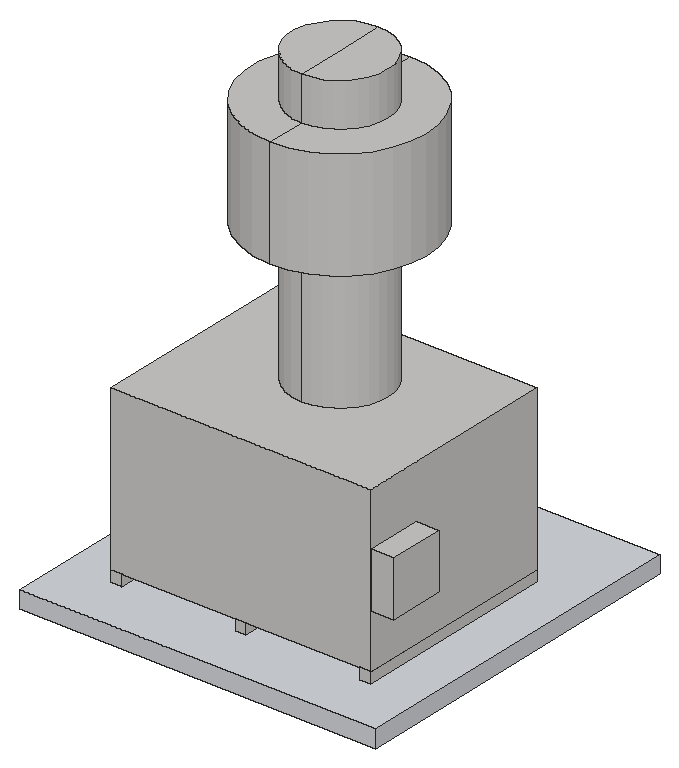
Revit family "DC_Rheem_PLM_Raypak_B2404HWT", category Plumbing Fixtures, host Face, Revit 2017
Family settings
  Host = Face
  Round Connector Dimension = Use Radius
  Part Type = Normal
  Cut with Voids When Loaded = No
  Shared = No
  Room Calculation Point = No
Parameters (values of type "Raypak - Gas Water Heater- Outdoor - 2530 MJ/h  Propane gas, On/Off gas control")
  Width_ANZRS = 1430 mm
  URL = "http://www.rheem.com.au/CommercialProducts"
  Type Comments = "Recovery 9638L/h @ 50°C rise\r\n"
  TopSmallDiameter_ANZRS = 660 mm
  TopH2_ANZRS = 750 mm
  TopH1_ANZRS = 300 mm
  TopBigDiameter_ANZRS = 1200 mm
  PRVDiameter_ANZRS = PRVRadius_ANZRS * 2  # 30 mm
  Model = "B2404PCO/HWT\r\n\r\n"
  Materials_ANZRS = Raypak - Grey Powder Coated Steel
  PRVRadius_ANZRS = 15 mm
  PRVDistance_ANZRS = 400 mm
  Manufacturer = "Raypak\r\n"
  Length_ANZRS = 1780 mm
  HotWaterPipeDistance_ANZRS = 235 mm
  HotWaterPipeRadius_ANZRS = 40 mm
  HotWaterPipeDiameter_ANZRS = HotWaterPipeRadius_ANZRS * 2  # 80 mm
  Height_ANZRS = 3210 mm
  GasPipeRadius_ANZRS = 20 mm
  GasPipeHeight_ANZRS = 600 mm
  GasPipeDistance_ANZRS = 210 mm
  GasPipeDiameter_ANZRS = GasPipeRadius_ANZRS * 2  # 40 mm
  EleBoxWidth_ANZRS = 160 mm
  EleBoxHeightFromBase_ANZRS = 450 mm
  EleBoxHeight_ANZRS = 380 mm
  DesignBy_ANZRS = "Design Content ©"
  Description = "Raypak - Gas Water Heater- Outdoor - 2530 MJ/h  Propane gas, On/Off gas control\r\n"
  Default Elevation = 0 mm
  ConnectionHeight_ANZRS = 910 mm
  ColdWaterPipeRadius_ANZRS = 40 mm
  ColdWaterPipeDistance_ANZRS = 567 mm
  ColdWaterPipeDiameter_ANZRS = ColdWaterPipeRadius_ANZRS * 2  # 80 mm
  BoxHeight_ANZRS = 1195 mm
  BaseWidth_ANZRS = 75 mm
  BaseHeight_ANZRS = 75 mm
  BaseDistance_ANZRS = 0 mm
  Author_ANZRS = "DM"
  Assembly Code = ""
Types (5, lengths in mm): name | URL | Type Comments | Model | GasPipeRadius_ANZRS | GasPipeDiameter_ANZRS | Description
  (no name) | "http://www.rheem.com.au/downloads/PDF/Raypak_Mechanical_Heating_Brochure_July_09.pdf\r\n" | "Recovery 9638L/h @ 50°C rise\r\n" | "B2404PCO/HWT\r\n\r\n" | 20 | 40 | "Raypak - Gas Water Heater- Outdoor - 2530 MJ/h  Propane gas, On/Off gas control\r\n"
  Raypak - Gas Water Heater- Outdoor - 2404 MJ/h  Natural gas, modulating gas control | "http://www.rheem.com.au/CommercialProducts" | "Recovery 9116L/h @ 50°C rise\r\n" | "B2404NCM/HWT\r\n" | 32.5 | 65 | "Raypak - Gas Water Heater- Outdoor - 2404 MJ/h  Natural gas, modulating gas control"
  Raypak - Gas Water Heater- Outdoor - 2404 MJ/h  Natural gas, On/Off gas control | "http://www.rheem.com.au/CommercialProducts" | "Recovery 9116L/h @ 50°C rise\r\n" | "B2404NCO/HWT\r\n" | 32.5 | 65 | "Raypak - Gas Water Heater- Outdoor - 2404 MJ/h  Natural gas, On/Off gas control\r\n"
  Raypak - Gas Water Heater- Outdoor - 2530 MJ/h  Propane gas, modulating gas control | "http://www.rheem.com.au/CommercialProducts" | "Recovery 9638L/h @ 50°C rise\r\n" | "B2404PCM/HWT\r\n" | 20 | 40 | "Raypak - Gas Water Heater- Outdoor - 2530 MJ/h  Propane gas, modulating gas control\r\n\r\n"
  Raypak - Gas Water Heater- Outdoor - 2530 MJ/h  Propane gas, On/Off gas control | "http://www.rheem.com.au/CommercialProducts" | "Recovery 9638L/h @ 50°C rise\r\n" | "B2404PCO/HWT\r\n\r\n" | 20 | 40 | "Raypak - Gas Water Heater- Outdoor - 2530 MJ/h  Propane gas, On/Off gas control\r\n"
Reference planes
  plane 1 "Center (Front/Back)": y = 0
  plane 2: z = 0
  plane 3 "Center (Left/Right)": x = 0
  plane 4: z = 75
  plane 5: x = -890
  plane 6: x = 890
  plane 7: x = 1050
  plane 8: z = 450
  plane 9: z = 1195
  plane 10: x = -890
  plane 11: x = 890
  plane 12: x = -815
  plane 13: x = 815
  plane 14: y = 580
  plane 15: y = -850
  plane 16: z = 3210
  plane 17: z = 2910
  plane 18: z = 2160
  plane 19: y = 330
  plane 20: y = -330
  plane 21: y = 600
  plane 22: y = -600
  plane 23: z = 910
  plane 24: y = 180
  plane 25: y = 345
  plane 26: y = -222
  plane 27: y = -640
  plane 28: z = 600
  plane 29: z = 830
  plane 30: x = -330
  plane 31: x = 330
  plane 32: x = -600
  plane 33: x = 600
  plane 34: x = -880
  plane 35: x = -1060
  plane 36: x = -960
  plane 37: x = -37.5
  plane 38: x = 37.5
  plane 39: y = -465
Forms (mm)
  Extrusion 1, solid
    sketch origin (0, 0, 0) x (1, 0, 0) y (0, 1, 0)
      loop
        line (-1219.2, 1219.2) -> (-1219.2, -1219.2) -> (1219.2, -1219.2) -> (1219.2, 1219.2) -> (-1219.2, 1219.2)
    from 0 to -120
  Extrusion 2, solid, material "Raypak - Grey Powder Coated Steel" <- "Materials_ANZRS"
    sketch origin (0, 0, 0) x (1, 0, 0) y (0, 0, 1)
      loop
        line (-890, 75) -> (-890, 0) -> (-815, 0) -> (-815, 75) -> (-890, 75)
      loop
        line (815, 75) -> (815, 0) -> (890, 0) -> (890, 75) -> (815, 75)
      loop
        line (-37.5, 75) -> (-37.5, 0) -> (37.5, 0) -> (37.5, 75) -> (-37.5, 75)
    from -580 to 850
  Extrusion 3, solid, material "Raypak - Grey Powder Coated Steel" <- "Materials_ANZRS"
    sketch origin (0, 0, 0) x (1, 0, 0) y (0, 1, 0)
      loop
        line (-890, 580) -> (-890, -850) -> (890, -850) -> (890, 580) -> (-890, 580)
    from 75 to 1195
  Revolve 4, solid, material "Raypak - Grey Powder Coated Steel" <- "Materials_ANZRS"
    sketch origin (0, 0, 0) x (0, 1, 0) y (0, 0, 1)
      loop
        line (0, 3210) -> (-330, 3210) -> (-330, 2910) -> (-600, 2910) -> (-600, 2160) -> (-330, 2160) -> (-330, 1195) -> (0, 1195) -> (0, 3210)
      axis (0, 3210) -> (0, 1195)
    angle from 0 to 360
  Extrusion 5, solid, material "Raypak - Grey Powder Coated Steel" <- "Materials_ANZRS"
    sketch origin (0, 0, 0) x (1, 0, 0) y (0, 0, 1)
      loop
        line (890, 830) -> (890, 450) -> (1050, 450) -> (1050, 830) -> (890, 830)
    from 465 to 850
  Extrusion 6, solid, material "Raypak - Grey Powder Coated Steel" <- "Materials_ANZRS"
    sketch origin (0, 0, 0) x (0, 1, 0) y (0, 0, 1)
      loop
        circle (345, 910) r 40
      loop
        circle (-222, 910) r 40
    from -1060 to -890
  Extrusion 7, solid, material "Raypak - Grey Powder Coated Steel" <- "Materials_ANZRS"
    sketch origin (0, 0, 0) x (0, 1, 0) y (0, 0, 1)
      loop
        circle (-640, 600) r 20
    from -960 to -890
  Extrusion 8, void
    sketch origin (0, 0, 0) x (0, 1, 0) y (0, 0, 1)
      loop
        circle (180, 910) r 15
    from -890 to -880
Cuts and joins
  Extrusion 8 cuts Extrusion 3
  joined: Extrusion 3, Extrusion 7
Lines and regions (mm)
  Masking region 1
    outline origin (0, 0, 0) x (1, 0, 0) y (0, 0, 1)
      loop
        line (330, 3210) -> (-330, 3210) -> (-330, 2910) -> (-600, 2910) -> (-600, 2160) -> (-330, 2160) -> (-330, 1195) -> (-890, 1195) -> (-890, 930) -> (-1060, 930) -> (-1060, 890) -> (-890, 890) -> (-890, 615) -> (-960, 615) -> (-960, 585) -> (-890, 585) -> (-890, 75) -> (-890, 0) -> (-815, 0) -> (-815, 75) -> (-37.5, 75) -> (-37.5, 0) -> (37.5, 0) -> (37.5, 75) -> (815, 75) -> (815, 0) -> (890, 0) -> (890, 75) -> (890, 450) -> (1050, 450) -> (1050, 830) -> (890, 830) -> (890, 1195) -> (330, 1195) -> (330, 2160) -> (600, 2160) -> (600, 2910) -> (330, 2910) -> (330, 3210)
  Masking region 2
    outline origin (0, 0, 0) x (0, 1, 0) y (0, 0, 1)
      loop
        line (330, 3210) -> (-330, 3210) -> (-330, 2910) -> (-600, 2910) -> (-600, 2160) -> (-330, 2160) -> (-330, 1195) -> (-850, 1195) -> (-850, 0) -> (580, 0) -> (580, 1195) -> (330, 1195) -> (330, 2160) -> (600, 2160) -> (600, 2910) -> (330, 2910) -> (330, 3210)
  Masking region 3
    outline origin (0, 0, 0) x (1, 0, 0) y (0, 1, 0)
      loop
        line (-890, 580) -> (-890, 385) -> (-1060, 385) -> (-1060, 305) -> (-890, 305) -> (-890, -182) -> (-1060, -182) -> (-1060, -262) -> (-890, -262) -> (-890, -620) -> (-960, -620) -> (-960, -660) -> (-890, -660) -> (-890, -850) -> (1050, -850) -> (1050, -465) -> (890, -465) -> (890, 580) -> (153.623, 580)
        arc (153.623, 580) -> (77.46, 594.979) -> (0, 600) r 600
        arc (0, 600) -> (-77.46, 594.979) -> (-153.623, 580) r 600
        line (-153.623, 580) -> (-890, 580)
  symbolic lines, style "Rheem Raypak", detail levels fine
    curve 1: line (-600, 0, 2910) -> (-600, 0, 2160)
    curve 2: line (-600, 0, 2160) -> (600, 0, 2160)
    curve 3: line (-330, 0, 2160) -> (-330, 0, 1195)
    curve 4: line (-330, 0, 3210) -> (-330, 0, 2910)
    curve 5: line (330, 0, 3210) -> (-330, 0, 3210)
    curve 6: line (330, 0, 2910) -> (330, 0, 3210)
    curve 7: line (600, 0, 2910) -> (-600, 0, 2910)
    curve 8: line (600, 0, 2160) -> (600, 0, 2910)
    curve 9: line (330, 0, 1195) -> (330, 0, 2160)
    curve 10: line (890, 0, 1195) -> (-890, 0, 1195)
    curve 11: line (890, 0, 75) -> (890, 0, 1195)
    curve 12: line (-890, 0, 1195) -> (-890, 0, 75)
    curve 13: line (-890, 0, 75) -> (890, 0, 75)
    curve 14: line (-815, 0, 0) -> (-815, 0, 75)
    curve 15: line (-890, 0, 0) -> (-815, 0, 0)
    curve 16: line (-890, 0, 75) -> (-890, 0, 0)
    curve 17: line (890, 0, 0) -> (890, 0, 75)
    curve 18: line (815, 0, 75) -> (815, 0, 0)
    curve 19: line (815, 0, 0) -> (890, 0, 0)
    curve 20: line (890, 0, 450) -> (1050, 0, 450)
    curve 21: line (1050, 0, 450) -> (1050, 0, 830)
    curve 22: line (1050, 0, 830) -> (890, 0, 830)
    curve 23: line (-960, 0, 585) -> (-890, 0, 585)
    curve 24: line (-960, 0, 615) -> (-960, 0, 585)
    curve 25: line (-890, 0, 615) -> (-960, 0, 615)
    curve 26: line (0, -600, 2910) -> (0, 600, 2910)
    curve 27: line (0, -600, 2160) -> (0, 600, 2160)
    curve 28: line (0, 600, 2160) -> (0, 600, 2910)
    curve 29: line (0, -600, 2910) -> (0, -600, 2160)
    curve 30: line (0, -330, 3210) -> (0, -330, 2910)
    curve 31: line (0, 330, 2910) -> (0, 330, 3210)
    curve 32: line (0, -330, 3210) -> (0, 330, 3210)
    curve 33: line (0, -330, 2160) -> (0, -330, 1195)
    curve 34: line (0, 330, 1195) -> (0, 330, 2160)
    curve 35: line (0, 580, 1195) -> (0, -850, 1195)
    curve 36: line (0, -850, 1195) -> (0, -850, 75)
    curve 37: line (0, 580, 75) -> (0, 580, 1195)
    curve 38: line (0, -850, 75) -> (0, 580, 75)
    curve 39: line (0, 580, 0) -> (0, 580, 75)
    curve 40: line (0, -850, 75) -> (0, -850, 0)
    curve 41: line (0, -850, 0) -> (0, 580, 0)
    curve 42: arc (0, -242, 910) -> (0, -222, 890) -> (0, -202, 910) r 20
    curve 43: arc (0, -202, 910) -> (0, -222, 930) -> (0, -242, 910) r 20
    curve 44: arc (0, -625, 600) -> (0, -640, 585) -> (0, -655, 600) r 15
    curve 45: arc (0, -655, 600) -> (0, -640, 615) -> (0, -625, 600) r 15
    curve 46: arc (0, 325, 910) -> (0, 345, 890) -> (0, 365, 910) r 20
    curve 47: arc (0, 365, 910) -> (0, 345, 930) -> (0, 325, 910) r 20
    curve 48: arc (0, 165, 910) -> (0, 180, 895) -> (0, 195, 910) r 15
    curve 49: arc (0, 195, 910) -> (0, 180, 925) -> (0, 165, 910) r 15
    curve 50: arc (0, -600, 0) -> (-600, 0, 0) -> (0, 600, 0) r 600
    curve 51: arc (0, 600, 0) -> (600, 0, 0) -> (0, -600, 0) r 600
    curve 52: arc (0, 330, 0) -> (330, 0, 0) -> (0, -330, 0) r 330
    curve 53: arc (0, -330, 0) -> (-330, 0, 0) -> (0, 330, 0) r 330
    curve 54: line (890, -850, 0) -> (890, 580, 0)
    curve 55: line (-890, -850, 0) -> (890, -850, 0)
    curve 56: line (-890, 580, 0) -> (-890, -850, 0)
    curve 57: line (1050, -850, 0) -> (1050, -465, 0)
    curve 58: line (890, -850, 0) -> (1050, -850, 0)
    curve 59: line (-960, -620, 0) -> (-960, -660, 0)
    curve 60: line (890, 580, 0) -> (153.623, 580, 0)
    curve 61: line (-960, -620, 0) -> (-890, -620, 0)
    curve 62: line (-960, -660, 0) -> (-890, -660, 0)
    curve 63: line (37.5, 0, 0) -> (37.5, 0, 75)
    curve 64: line (-890, 0, 75) -> (890, 0, 75)
    curve 65: line (-37.5, 0, 75) -> (-37.5, 0, 0)
    curve 66: line (-37.5, 0, 0) -> (37.5, 0, 0)
    curve 67: line (-153.623, 580, 0) -> (-890, 580, 0)
Dimensions and locks
  "BaseHeight_ANZRS": plane 4 to level
  equal spacing: plane 6, plane 3 "Center (Left/Right)", plane 5
  "Length_ANZRS": plane 5 to plane 6
  "EleBoxWidth_ANZRS": plane 6 to plane 7
  "EleBoxHeightFromBase_ANZRS": plane 8 to Extrusion 1
  "EleBoxHeight_ANZRS": plane 29 to plane 8
  "BaseDistance_ANZRS": plane 10 to plane 5
  "BaseDistance_ANZRS": plane 11 to plane 6
  "BaseWidth_ANZRS": plane 10 to plane 12
  "BaseWidth_ANZRS": plane 11 to plane 13
  plane 1 "Center (Front/Back)" to plane 15 = 850 mm
  "Width_ANZRS": plane 14 to plane 15
  "Height_ANZRS": plane 16 to Extrusion 1
  "TopSmallDiameter_ANZRS": plane 19 to plane 20
  equal spacing: plane 19, plane 1 "Center (Front/Back)", plane 20
  equal spacing: plane 21, plane 1 "Center (Front/Back)", plane 22
  "TopBigDiameter_ANZRS": plane 21 to plane 22
  "ConnectionHeight_ANZRS": plane 23 to Extrusion 1
  "BoxHeight_ANZRS": plane 9 to Extrusion 1
  "PRVDistance_ANZRS": plane 14 to plane 24
  "HotWaterPipeDistance_ANZRS": plane 14 to plane 25
  "ColdWaterPipeDistance_ANZRS": plane 25 to plane 26
  "GasPipeDistance_ANZRS": plane 27 to plane 15
  "GasPipeHeight_ANZRS": plane 28 to Extrusion 1
  "TopH1_ANZRS": plane 16 to plane 17
  "TopH2_ANZRS": plane 17 to plane 18
  equal spacing: plane 32, plane 3 "Center (Left/Right)", plane 33
  "TopSmallDiameter_ANZRS": plane 30 to plane 31
  equal spacing: plane 30, plane 3 "Center (Left/Right)", plane 31
  "TopBigDiameter_ANZRS": plane 32 to plane 33
  locked: plane 5 to plane 34 at 10
  plane 35 to plane 5 = 170 mm
  plane 35 to cut or joined group of Extrusion 3, Extrusion 7, Extrusion 8 = 170 mm
  plane 36 to cut or joined group of Extrusion 3, Extrusion 7, Extrusion 8 = 70 mm
  equal spacing: plane 37, plane 3 "Center (Left/Right)", plane 38
  "BaseWidth_ANZRS": plane 37 to plane 38
  locked: plane 36 to plane 34 at 80
  plane 35 to plane 34 = 180 mm
  equal spacing: Masking region 3 sketch curve, plane 25, Masking region 3 sketch curve
  "HotWaterPipeDiameter_ANZRS": Masking region 3 sketch curve to Masking region 3 sketch curve
  equal spacing: Masking region 3 sketch curve, plane 26, Masking region 3 sketch curve
  "ColdWaterPipeDiameter_ANZRS": Masking region 3 sketch curve to Masking region 3 sketch curve
  equal spacing: Masking region 3 sketch curve, plane 27, Masking region 3 sketch curve
  "GasPipeDiameter_ANZRS": Masking region 3 sketch curve to Masking region 3 sketch curve
  "ColdWaterPipeRadius_ANZRS": radius of Extrusion 6 sketch curve
  "HotWaterPipeRadius_ANZRS": radius of Extrusion 6 sketch curve
  "GasPipeRadius_ANZRS": radius of Extrusion 7 sketch curve
  "PRVRadius_ANZRS": radius of Extrusion 8 sketch curve
  aligned and locked: plane 2 to Extrusion 1
  aligned and locked: level to Extrusion 1
  aligned and locked: Extrusion 2 sketch curve to plane 4  (x2)
  aligned and locked: Extrusion 2 sketch curve to plane 10
  aligned and locked: level to Extrusion 2 sketch curve  (x2)
  aligned and locked: plane 12 to Extrusion 2 sketch curve
  aligned and locked: plane 13 to Extrusion 2 sketch curve
  aligned and locked: plane 11 to Extrusion 2 sketch curve
  aligned and locked: plane 14 to Extrusion 3 sketch curve
  aligned and locked: plane 15 to Extrusion 3 sketch curve
  aligned and locked: plane 6 to Extrusion 3 sketch curve
  aligned and locked: plane 9 to Extrusion 3
  aligned and locked: Extrusion 3 to plane 4
  aligned and locked: Extrusion 2 to plane 15
  aligned and locked: Extrusion 2 to plane 14
  aligned and locked: plane 16 to Revolve 4 sketch curve
  aligned and locked: Revolve 4 sketch curve to plane 20
  aligned and locked: Revolve 4 sketch curve to plane 22
  aligned and locked: plane 9 to Revolve 4 sketch curve
  aligned and locked: Revolve 4 sketch curve to plane 1 "Center (Front/Back)"
  aligned and locked: Extrusion 5 sketch curve to plane 29
  aligned and locked: Extrusion 5 sketch curve to plane 6
  aligned and locked: plane 8 to Extrusion 5 sketch curve
  aligned and locked: plane 7 to Extrusion 5 sketch curve
  aligned: Extrusion 2 to Extrusion 5
  aligned and locked: Extrusion 5 to Extrusion 2
  aligned and locked: plane 25 to Extrusion 6 sketch curve
  aligned and locked: plane 23 to Extrusion 6 sketch curve  (x2)
  aligned and locked: plane 26 to Extrusion 6 sketch curve
  aligned and locked: Extrusion 3 to plane 5
  aligned: Extrusion 6 to plane 5
  aligned: Extrusion 6 to plane 34
  aligned and locked: plane 28 to Extrusion 7 sketch curve
  aligned and locked: plane 27 to Extrusion 7 sketch curve
  aligned: plane 35 to Extrusion 7
  aligned: Extrusion 7 to plane 34
  aligned: plane 5 to Extrusion 7
  aligned and locked: Masking region 1 sketch curve to plane 31
  aligned and locked: Masking region 1 sketch curve to plane 30
  aligned and locked: Masking region 1 sketch curve to plane 16
  aligned and locked: Masking region 1 sketch curve to plane 17
  aligned and locked: Masking region 1 sketch curve to plane 18
  aligned and locked: plane 33 to Masking region 1 sketch curve
  aligned and locked: Masking region 1 sketch curve to plane 32
  aligned and locked: Masking region 1 sketch curve to plane 9
  aligned and locked: Masking region 1 sketch curve to plane 6
  aligned and locked: Masking region 1 sketch curve to plane 29
  aligned and locked: Masking region 1 sketch curve to plane 8
  aligned and locked: plane 7 to Masking region 1 sketch curve
  aligned and locked: cut or joined group of Extrusion 3, Extrusion 7, Extrusion 8 to Masking region 1 sketch curve
  aligned and locked: Masking region 1 sketch curve to plane 5
  aligned and locked: Extrusion 1 to Masking region 1 sketch curve  (x2)
  aligned and locked: plane 16 to Masking region 2 sketch curve
  aligned and locked: Masking region 2 sketch curve to plane 17
  aligned and locked: Masking region 2 sketch curve to plane 22
  aligned and locked: plane 21 to Masking region 2 sketch curve
  aligned and locked: plane 19 to Masking region 2 sketch curve
  aligned and locked: Masking region 2 sketch curve to plane 20
  aligned and locked: plane 9 to Masking region 2 sketch curve
  aligned and locked: Masking region 2 sketch curve to plane 15
  aligned and locked: plane 14 to Masking region 2 sketch curve
  aligned and locked: Extrusion 1 to Masking region 2 sketch curve
  aligned and locked: Masking region 2 sketch curve to plane 18
  aligned and locked: Masking region 1 sketch curve to plane 12
  aligned and locked: Masking region 1 sketch curve to plane 10
  aligned and locked: Masking region 1 sketch curve to plane 11
  aligned and locked: plane 13 to Masking region 1 sketch curve
  aligned and locked: Masking region 1 sketch curve to plane 4
  aligned and locked: curve 1 to Masking region 1
  aligned and locked: curve 2 to Masking region 1
  aligned and locked: curve 3 to Masking region 1
  aligned and locked: curve 4 to Masking region 1
  aligned and locked: curve 5 to Masking region 1
  aligned and locked: curve 6 to Masking region 1
  aligned and locked: curve 7 to Masking region 1
  aligned and locked: curve 8 to Masking region 1
  aligned and locked: curve 9 to Masking region 1
  aligned and locked: curve 10 to cut or joined group of Extrusion 3, Extrusion 7, Extrusion 8
  aligned and locked: curve 11 to cut or joined group of Extrusion 3, Extrusion 7, Extrusion 8
  aligned and locked: curve 12 to cut or joined group of Extrusion 3, Extrusion 7, Extrusion 8
  aligned and locked: curve 13 to cut or joined group of Extrusion 3, Extrusion 7, Extrusion 8
  aligned and locked: curve 14 to Extrusion 2
  aligned and locked: curve 15 to Extrusion 2
  aligned and locked: curve 16 to Extrusion 2
  aligned and locked: curve 17 to Extrusion 2
  aligned and locked: curve 18 to Extrusion 2
  aligned and locked: curve 19 to Extrusion 2
  aligned and locked: curve 20 to Extrusion 5
  aligned and locked: curve 21 to Extrusion 5
  aligned and locked: curve 22 to Extrusion 5
  aligned and locked: Masking region 1 to curve 23
  aligned: cut or joined group of Extrusion 3, Extrusion 7, Extrusion 8 to curve 24
  aligned and locked: curve 25 to Masking region 1
  aligned and locked: curve 26 to Revolve 4
  aligned and locked: curve 27 to Revolve 4
  aligned and locked: curve 28 to Masking region 2
  aligned and locked: curve 29 to Masking region 2
  aligned and locked: curve 30 to Masking region 2
  aligned and locked: curve 31 to Masking region 2
  aligned and locked: curve 32 to Revolve 4
  aligned and locked: curve 33 to Masking region 2
  aligned and locked: curve 34 to Masking region 2
  aligned and locked: curve 35 to cut or joined group of Extrusion 3, Extrusion 7, Extrusion 8
  aligned and locked: curve 36 to cut or joined group of Extrusion 3, Extrusion 7, Extrusion 8
  aligned and locked: curve 37 to cut or joined group of Extrusion 3, Extrusion 7, Extrusion 8
  aligned and locked: curve 38 to cut or joined group of Extrusion 3, Extrusion 7, Extrusion 8
  aligned and locked: curve 39 to Extrusion 2
  aligned and locked: curve 40 to Extrusion 2
  aligned and locked: curve 41 to Extrusion 2
  aligned and locked: curve 50 to Revolve 4
  aligned and locked: curve 51 to Revolve 4
  aligned and locked: curve 52 to Revolve 4
  aligned and locked: curve 53 to Revolve 4
  aligned and locked: curve 54 to cut or joined group of Extrusion 3, Extrusion 7, Extrusion 8
  aligned and locked: curve 55 to cut or joined group of Extrusion 3, Extrusion 7, Extrusion 8
  aligned and locked: curve 56 to cut or joined group of Extrusion 3, Extrusion 7, Extrusion 8
  aligned and locked: curve 57 to Extrusion 5
  aligned and locked: curve 58 to Extrusion 5
  aligned: cut or joined group of Extrusion 3, Extrusion 7, Extrusion 8 to curve 59
  aligned and locked: plane 35 to Extrusion 6
  aligned: plane 5 to Extrusion 6
  aligned: plane 36 to Extrusion 7
  aligned and locked: curve 63 to Extrusion 2
  aligned and locked: curve 64 to cut or joined group of Extrusion 3, Extrusion 7, Extrusion 8
  aligned and locked: curve 65 to Extrusion 2
  aligned and locked: curve 66 to Extrusion 2
  aligned and locked: Masking region 3 sketch curve to curve 67
  aligned and locked: Masking region 3 sketch curve to Extrusion 2
  aligned and locked: Masking region 3 sketch curve to Extrusion 5  (x2)
  aligned and locked: Masking region 3 sketch curve to Extrusion 6
  aligned and locked: cut or joined group of Extrusion 3, Extrusion 7, Extrusion 8 to Masking region 3 sketch curve
  aligned and locked: plane 36 to curve 24
  aligned and locked: Extrusion 6 to Masking region 1 sketch curve
  aligned and locked: plane 24 to Extrusion 8 sketch curve
  aligned and locked: plane 23 to Extrusion 8 sketch curve
  aligned and locked: Extrusion 8 to plane 5
  aligned: Extrusion 6 to Extrusion 8
  aligned and locked: Masking region 3 sketch curve to Revolve 4  (x2)
  aligned and locked: Extrusion 7 to curve 61
  aligned and locked: cut or joined group of Extrusion 3, Extrusion 7, Extrusion 8 to plane 10
  aligned and locked: Extrusion 8 to plane 34
  aligned and locked: Extrusion 6 to plane 10
  aligned and locked: plane 39 to Masking region 3 sketch curve
  aligned and locked: Masking region 3 sketch curve to plane 11
  aligned and locked: Extrusion 5 to curve 57
  aligned and locked: curve 61 to Masking region 3
  aligned and locked: curve 62 to Masking region 3
Automatic sketch dimensions
  Extrusion 1 sketch curve to Extrusion 1 sketch curve = 2438.4 mm  (x2)
  Revolve 4 sketch curve to plane 1 "Center (Front/Back)" = 0 mm
  Revolve 4 sketch curve to plane 16 = 51.193 mm
  Revolve 4 sketch curve to level = 2207.352 mm
  Revolve 4 sketch curve to plane 18 = 0 mm
  Revolve 4 sketch curve to plane 20 = 0 mm
  Revolve 4 sketch curve to plane 17 = 0 mm
  Extrusion 3 sketch curve to plane 5 = 0 mm
  Masking region 2 sketch curve to plane 19 = 0 mm
  Masking region 2 sketch curve to plane 17 = 0 mm
  Masking region 2 sketch curve to plane 20 = 0 mm
  Masking region 2 sketch curve to plane 18 = 0 mm
  Masking region 2 sketch curve to plane 9 = 0 mm
  curve 3 to plane 9 = 0 mm
  curve 4 to plane 16 = 0 mm
  curve 5 to plane 31 = 0 mm
  curve 7 to plane 33 = 0 mm
  curve 8 to plane 18 = 0 mm
  curve 10 to plane 5 = 0 mm
  plane 6 to curve 10 = 0 mm
  curve 11 to plane 4 = 0 mm
  curve 14 to level = 0 mm
  plane 12 to curve 14 = 0 mm
  plane 10 to curve 15 = 0 mm
  curve 17 to level = 0 mm
  plane 11 to curve 17 = 0 mm
  curve 18 to plane 13 = 0 mm
  plane 7 to curve 20 = 0 mm
  curve 20 to plane 8 = 0 mm
  curve 21 to plane 29 = 0 mm
  curve 23 to plane 28 = 15 mm
  plane 28 to curve 24 = 15 mm
  curve 9 to plane 31 = 0 mm
  plane 30 to curve 3 = 0 mm
  plane 32 to curve 1 = 0 mm
  plane 30 to curve 4 = 0 mm
  curve 1 to plane 17 = 0 mm
  curve 27 to plane 18 = 0 mm
  curve 27 to plane 22 = 0 mm
  curve 26 to plane 17 = 0 mm
  curve 27 to plane 21 = 0 mm
  curve 30 to plane 20 = 0 mm
  curve 31 to plane 19 = 0 mm
  curve 31 to plane 16 = 0 mm
  curve 33 to plane 20 = 0 mm
  curve 33 to plane 9 = 0 mm
  curve 34 to plane 19 = 0 mm
  curve 35 to plane 15 = 0 mm
  curve 35 to plane 14 = 0 mm
  curve 37 to plane 4 = 0 mm
  curve 40 to level = 0 mm
  curve 42 to plane 23 = 0 mm
  curve 43 to plane 26 = 0 mm
  plane 26 to curve 42 = 20 mm
  curve 45 to plane 28 = 0 mm
  curve 44 to plane 27 = 0 mm
  curve 45 to curve 44 = 15 mm
  curve 46 to plane 23 = 0 mm
  curve 47 to plane 25 = 0 mm
  curve 46 to curve 46 = 20 mm
  curve 48 to curve 49 = 0 mm  (x2)
  curve 48 to plane 23 = 0 mm
  curve 49 to plane 24 = 0 mm
  plane 24 to curve 48 = 15 mm
  Extrusion 2 sketch curve to plane 4 = 0 mm
  plane 37 to Extrusion 2 sketch curve = 0 mm
  Extrusion 2 sketch curve to level = 0 mm
  Extrusion 2 sketch curve to plane 38 = 0 mm
  curve 63 to plane 38 = 0 mm
  curve 63 to level = 0 mm
  plane 37 to curve 65 = 0 mm
  Masking region 1 sketch curve to plane 5 = 0 mm  (x2)
  Masking region 1 sketch curve to plane 30 = 0 mm
  plane 37 to Masking region 1 sketch curve = 0 mm
  Masking region 1 sketch curve to plane 4 = 0 mm  (x5)
  Masking region 1 sketch curve to plane 38 = 0 mm
  Masking region 1 sketch curve to plane 18 = 0 mm
  Masking region 1 sketch curve to plane 31 = 0 mm
  plane 6 to Masking region 1 sketch curve = 0 mm
  Masking region 1 sketch curve to level = 0 mm
  plane 23 to Masking region 1 sketch curve = 20 mm
  Masking region 1 sketch curve to plane 9 = 0 mm
  Masking region 1 sketch curve to plane 17 = 0 mm
  Masking region 1 sketch curve to plane 28 = 15 mm
  plane 28 to Masking region 1 sketch curve = 15 mm
  Masking region 1 sketch curve to plane 23 = 20 mm
  plane 36 to curve 24 = 0 mm
  curve 61 to plane 5 = 0 mm
  plane 14 to curve 67 = 0 mm
  plane 14 to curve 60 = 0 mm
  curve 60 to plane 6 = 0 mm
  curve 57 to plane 7 = 0 mm
  curve 55 to plane 15 = 0 mm
  curve 57 to plane 39 = 0 mm
  plane 27 to curve 62 = 20 mm
  curve 61 to plane 27 = 20 mm
  Masking region 3 sketch curve to plane 35 = 0 mm
  Masking region 3 sketch curve to plane 5 = 0 mm  (x3)
  plane 14 to Masking region 3 sketch curve = 0 mm
Connectors
  piping at (-960, -640, 600), diameter 40, driven by "GasPipeRadius_ANZRS"
    settings: on cut or joined group of Extrusion 3, Extrusion 7, Extrusion 8, index 4, connector inside diameter 1.5748", connector length 0 mm, flow factor 0, pipe flow 0 GPM, pressure drop 0.00 psi, fitting loss kfactor 0, connector angle 0.00°, fixture units 0, engagement length 0 mm, angle of deflection 0.00°, flow configuration 1, flow direction 1, fitting loss method 0, system type 22, joint type 0, gender type 0, connector reference index -1, connector utility 0, adjustable connector no, is connector primary yes, connector description "Gas"
  piping at (-1060, 345, 910), diameter 80, driven by "HotWaterPipeRadius_ANZRS"
    settings: on Extrusion 6, index 5, connector inside diameter 3.14961", connector length 0 mm, flow factor 0, pipe flow 0 GPM, pressure drop 0.00 psi, fitting loss kfactor 0, connector angle 0.00°, fixture units 0, engagement length 0 mm, angle of deflection 0.00°, flow configuration 1, flow direction 2, fitting loss method 0, system type 19, joint type 0, gender type 0, connector reference index -1, connector utility 0, adjustable connector no, is connector primary no, connector description ""
  piping at (-1060, -222, 910), diameter 80, driven by "ColdWaterPipeRadius_ANZRS"
    settings: on Extrusion 6, index 7, connector inside diameter 3.14961", connector length 0 mm, flow factor 0, pipe flow 0 GPM, pressure drop 0.00 psi, fitting loss kfactor 0, connector angle 0.00°, fixture units 0, engagement length 0 mm, angle of deflection 0.00°, flow configuration 1, flow direction 1, fitting loss method 0, system type 20, joint type 0, gender type 0, connector reference index -1, connector utility 0, adjustable connector no, is connector primary no, connector description ""
  piping at (-890, 180, 910), diameter 30, driven by "PRVRadius_ANZRS"
    settings: on cut or joined group of Extrusion 3, Extrusion 7, Extrusion 8, index 8, connector inside diameter 1.1811", connector length 0 mm, flow factor 0, pipe flow 0 GPM, pressure drop 0.00 psi, fitting loss kfactor 0, connector angle 0.00°, fixture units 0, engagement length 0 mm, angle of deflection 0.00°, flow configuration 1, flow direction 2, fitting loss method 0, system type 22, joint type 0, gender type 0, connector reference index -1, connector utility 0, adjustable connector no, is connector primary no, connector description "PRV"
